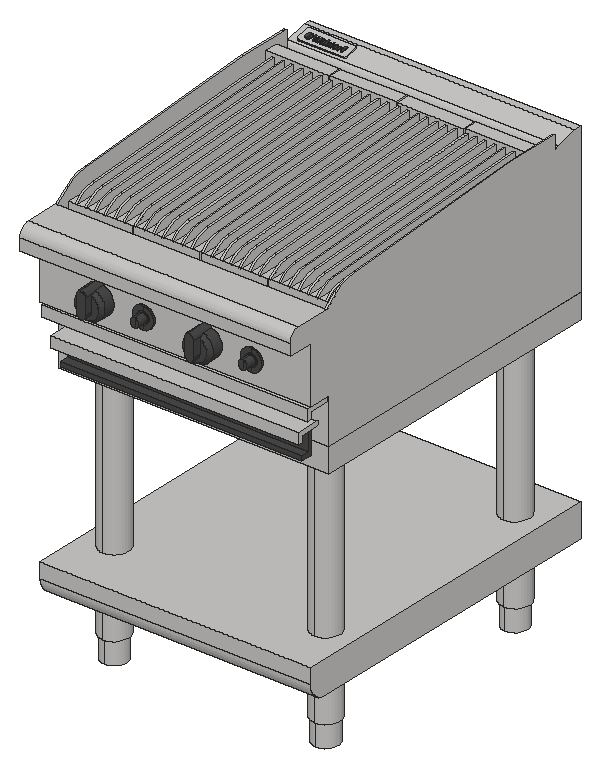
Revit family "QF_MOFFAT WALDORF_CHL8600G-LS", category Specialty Equipment, Revit 2012
Parameters
  Weight in Pounds = 0
  URL Cutsheet = "www.moffat.com"
  URL = "www.moffat.com"
  Type Mark [instance] = ""
  Status [instance] = ""
  Specification by User [instance] = ""
  Specification by Manufacturer = ""
  Show Logo [instance] = yes
  Serial Number = ""
  Seismic Rating = ""
  SMACNA No = ""
  Revision Code [instance] = ""
  Omniclass Number and Title = ""
  NAFEM Spec ID Number = ""
  Model = "CHL8600G-LS"
  Mechanical Remarks [instance] = ""
  Mechanical Connection Type [instance] = ""
  Masterspec = ""
  Manufacturer = "MOFFAT WALDORF"
  Item Number [instance] = ""
  Installed By [instance] = ""
  Identify Quantity as Lot [instance] = yes
  Gas Size = 3/4"
  Gas RI Height [instance] = 0 mm
  Gas KW [instance] = 18.3
  Gas Input [instance] = 62556.0 Btu/h
  Gas Connection Height = 0 mm
  Furnished By [instance] = ""
  Foodservice Equipment Identifier [instance] = yes
  Description = "CHARGRILL LOW SPLASHBACK ON LEG STAND"
  CSI MasterFormat = ""
  CSI Master Format = ""
  Body Finish = QF_Finishes_Stainless Steel
Reference planes
  plane 1 "BACK": y = 0
  plane 2: z = 0
  plane 3 "LEFT": x = 0
  plane 4 "RIGHT": x = 600
  plane 5 "FRONT": y = -805
  plane 6 "TOP": z = 972
  plane 7 "Center Y": x = 300
  plane 8 "Center X": y = -402.5
  plane 9: z = 970
Forms (mm)
  Extrusion 1, solid, material "QF_Finishes_Stainless Steel" <- "Body Finish"
    sketch origin (0, 0, 0) x (0, 1, 0) y (0, 0, 1)
      loop
        line (0, 222.5) -> (-749, 222.5) -> (-749, 188)
        arc (-749, 188) -> (-737.87, 161.13) -> (-711, 150) r 38
        line (-711, 150) -> (0, 150) -> (0, 222.5)
      loop
        line (-805, 891) -> (-805, 866) -> (-749, 866) -> (-749, 740) -> (-699, 740) -> (-699, 640) -> (0, 640) -> (0, 970) -> (-15, 970) -> (-61.106, 957.646)
        arc (-61.106, 957.646) -> (-67.52, 953.36) -> (-70, 946.055) r 12
        line (-70, 946.055) -> (-70, 875) -> (-705, 875) -> (-705, 915) -> (-781, 915)
        arc (-781, 915) -> (-797.971, 907.971) -> (-805, 891) r 24
      loop
        line (0, 585) -> (0, 639.206) -> (-699, 639.206) -> (-699, 585) -> (0, 585)
    from 0 to 600
  Revolve 2, solid, material "QF_Finishes_Stainless Steel" <- "Body Finish"
    sketch origin (535, -735, 0) x (0, 1, 0) y (0, 0, -1)
      loop
        line (78.25, -150) -> (110, -150) -> (110, 0) -> (82.5, 0) -> (82.5, -50) -> (78.25, -50) -> (78.25, -150)
      loop
        line (78.25, -222.5) -> (78.25, -585) -> (110, -585) -> (110, -222.5) -> (78.25, -222.5)
      axis (110, -585) -> (110, 0)
    angle from 0 to 360
  Revolve 3, solid, material "QF_Finishes_Stainless Steel" <- "Body Finish"
    sketch origin (535, -210, 0) x (0, 1, 0) y (0, 0, -1)
      loop
        line (78.25, -150) -> (110, -150) -> (110, 0) -> (82.5, 0) -> (82.5, -50) -> (78.25, -50) -> (78.25, -150)
      loop
        line (78.25, -222.5) -> (78.25, -585) -> (110, -585) -> (110, -222.5) -> (78.25, -222.5)
      axis (110, -585) -> (110, 0)
    angle from 0 to 360
  Revolve 4, solid, material "QF_Finishes_Stainless Steel" <- "Body Finish"
    sketch origin (65, -735, 0) x (0, 1, 0) y (0, 0, 1)
      loop
        line (78.25, 150) -> (78.25, 50) -> (82.5, 50) -> (82.5, 0) -> (110, 0) -> (110, 150) -> (78.25, 150)
      loop
        line (78.25, 222.5) -> (110, 222.5) -> (110, 585) -> (78.25, 585) -> (78.25, 222.5)
      axis (110, 585) -> (110, 0)
    angle from 0 to 360
  Revolve 5, solid, material "QF_Finishes_Stainless Steel" <- "Body Finish"
    sketch origin (65, -210, 0) x (0, 1, 0) y (0, 0, 1)
      loop
        line (78.25, 150) -> (78.25, 50) -> (82.5, 50) -> (82.5, 0) -> (110, 0) -> (110, 150) -> (78.25, 150)
      loop
        line (78.25, 222.5) -> (110, 222.5) -> (110, 585) -> (78.25, 585) -> (78.25, 222.5)
      axis (110, 585) -> (110, 0)
    angle from 0 to 360
  Extrusion 6, solid, material "QF_Finishes_Stainless Steel" <- "Body Finish"
    sketch origin (0, 0, 157.388) x (0, 1, 0) y (0, 0, 1)
      loop
        line (-70, 717) -> (-70, 821.612)
        arc (-70, 821.612) -> (-71.757, 825.854) -> (-76, 827.612) r 6
        line (-76, 827.612) -> (-191, 827.612) -> (-626.365, 797.168)
        arc (-626.365, 797.168) -> (-652.77, 791.676) -> (-676.747, 779.327) r 100
        line (-676.747, 779.327) -> (-705, 757.612) -> (-705, 717) -> (-70, 717)
    from 0 to 4.5
  Extrusion 7, solid, material "QF_Finishes_Stainless Steel" <- "Body Finish"
    sketch origin (600, 0, 157.388) x (0, 1, 0) y (0, 0, -1)
      loop
        line (-70, -717) -> (-705, -717) -> (-705, -757.612) -> (-676.747, -779.327)
        arc (-676.747, -779.327) -> (-652.77, -791.676) -> (-626.365, -797.168) r 100
        line (-626.365, -797.168) -> (-191, -827.612) -> (-76, -827.612)
        arc (-76, -827.612) -> (-71.757, -825.854) -> (-70, -821.612) r 6
        line (-70, -821.612) -> (-70, -717)
    from 0 to 3
  Revolve 8, solid, material "QF_Finishes_Black"
    sketch origin (138.112, 0, 158) x (0, 1, 0) y (0, 0, 1)
      loop
        line (-782, 671.5) -> (-793, 665.651) -> (-793, 639) -> (-749, 639) -> (-749, 644) -> (-759, 644) -> (-759, 671.5) -> (-782, 671.5)
      axis (-793, 639) -> (-749, 639)
    angle from 0 to 360
  Extrusion 9, solid, material "QF_Finishes_Black"
    sketch origin (0, 0, 158) x (1, 0, 0) y (0, 0, 1)
      loop
        line (148.3, 631) -> (148.3, 666)
        arc (148.3, 666) -> (138.3, 676) -> (128.3, 666) r 10
        line (128.3, 666) -> (128.3, 631)
        arc (128.3, 631) -> (138.3, 621) -> (148.3, 631) r 10
    from 759 to 808
  Revolve 10, solid, material "QF_Finishes_Black"
    sketch origin (378.544, 0, 158) x (0, 1, 0) y (0, 0, -1)
      loop
        line (-782, -671.5) -> (-759, -671.5) -> (-759, -644) -> (-749, -644) -> (-749, -639) -> (-793, -639) -> (-793, -665.651) -> (-782, -671.5)
      axis (-793, -639) -> (-749, -639)
    angle from 0 to 360
  Extrusion 11, solid, material "QF_Finishes_Black"
    sketch origin (516.656, 0, 158) x (-1, 0, 0) y (0, 0, -1)
      loop
        arc (148.3, -631) -> (138.3, -621) -> (128.3, -631) r 10
        line (128.3, -631) -> (128.3, -666)
        arc (128.3, -666) -> (138.3, -676) -> (148.3, -666) r 10
        line (148.3, -666) -> (148.3, -631)
    from 759 to 808
  Revolve 12, solid, material "QF_Finishes_Black"
    sketch origin (238.3, 0, 158) x (0, 1, 0) y (0, 0, 1)
      loop
        line (-759, 644) -> (-759, 663) -> (-761.705, 663) -> (-761.705, 651.85) -> (-762.85, 651.85) -> (-762.85, 648.825) -> (-784.88, 648.825) -> (-784.88, 639) -> (-749, 639) -> (-749, 644) -> (-759, 644)
      axis (-749, 639) -> (-784.88, 639)
    angle from 0 to 360
  Revolve 13, solid, material "QF_Finishes_Black"
    sketch origin (478.3, 0, 158) x (0, 1, 0) y (0, 0, 1)
      loop
        line (-759, 644) -> (-759, 663) -> (-761.705, 663) -> (-761.705, 651.85) -> (-762.85, 651.85) -> (-762.85, 648.825) -> (-784.88, 648.825) -> (-784.88, 639) -> (-749, 639) -> (-749, 644) -> (-759, 644)
      axis (-749, 639) -> (-784.88, 639)
    angle from 0 to 360
  Extrusion 14, solid, material "QF_Finishes_Stainless Steel"
    sketch origin (276, 0, 158) x (0, 1, 0) y (0, 0, 1)
      loop
        line (-132, 752.364) -> (-132, 804.849) -> (-630.852, 774.53)
        arc (-630.852, 774.53) -> (-656.098, 767.97) -> (-677, 752.364) r 67.81
        line (-677, 752.364) -> (-132, 752.364)
    from 0 to 4.5
  Extrusion 15, solid, material "QF_Finishes_Stainless Steel"
    sketch origin (255, 0, 158) x (0, 1, 0) y (0, 0, 1)
      loop
        line (-132, 752.364) -> (-132, 804.849) -> (-630.852, 774.53)
        arc (-630.852, 774.53) -> (-656.098, 767.97) -> (-677, 752.364) r 67.81
        line (-677, 752.364) -> (-132, 752.364)
    from 0 to 4.5
  Extrusion 16, solid, material "QF_Finishes_Stainless Steel"
    sketch origin (234, 0, 158) x (0, 1, 0) y (0, 0, 1)
      loop
        line (-132, 752.364) -> (-132, 804.849) -> (-630.852, 774.53)
        arc (-630.852, 774.53) -> (-656.098, 767.97) -> (-677, 752.364) r 67.81
        line (-677, 752.364) -> (-132, 752.364)
    from 0 to 4.5
  Extrusion 17, solid, material "QF_Finishes_Stainless Steel"
    sketch origin (213, 0, 158) x (0, 1, 0) y (0, 0, 1)
      loop
        line (-132, 752.364) -> (-132, 804.849) -> (-630.852, 774.53)
        arc (-630.852, 774.53) -> (-656.098, 767.97) -> (-677, 752.364) r 67.81
        line (-677, 752.364) -> (-132, 752.364)
    from 0 to 4.5
  Extrusion 18, solid, material "QF_Finishes_Stainless Steel"
    sketch origin (192, 0, 158) x (0, 1, 0) y (0, 0, 1)
      loop
        line (-132, 752.364) -> (-132, 804.849) -> (-630.852, 774.53)
        arc (-630.852, 774.53) -> (-656.098, 767.97) -> (-677, 752.364) r 67.81
        line (-677, 752.364) -> (-132, 752.364)
    from 0 to 4.5
  Extrusion 19, solid, material "QF_Finishes_Stainless Steel"
    sketch origin (171, 0, 158) x (0, 1, 0) y (0, 0, 1)
      loop
        line (-132, 752.364) -> (-132, 804.849) -> (-630.852, 774.53)
        arc (-630.852, 774.53) -> (-656.098, 767.97) -> (-677, 752.364) r 67.81
        line (-677, 752.364) -> (-132, 752.364)
    from 0 to 4.5
  Extrusion 20, solid, material "QF_Finishes_Stainless Steel"
    sketch origin (150, 0, 158) x (0, 1, 0) y (0, 0, 1)
      loop
        line (-132, 752.364) -> (-132, 804.849) -> (-630.852, 774.53)
        arc (-630.852, 774.53) -> (-656.098, 767.97) -> (-677, 752.364) r 67.81
        line (-677, 752.364) -> (-132, 752.364)
    from 0 to 4.5
  Extrusion 21, solid, material "QF_Finishes_Stainless Steel"
    sketch origin (126, 0, 158) x (0, 1, 0) y (0, 0, 1)
      loop
        line (-132, 752.364) -> (-132, 804.849) -> (-630.852, 774.53)
        arc (-630.852, 774.53) -> (-656.098, 767.97) -> (-677, 752.364) r 67.81
        line (-677, 752.364) -> (-132, 752.364)
    from 0 to 4.5
  Extrusion 22, solid, material "QF_Finishes_Stainless Steel"
    sketch origin (105, 0, 158) x (0, 1, 0) y (0, 0, 1)
      loop
        line (-132, 752.364) -> (-132, 804.849) -> (-630.852, 774.53)
        arc (-630.852, 774.53) -> (-656.098, 767.97) -> (-677, 752.364) r 67.81
        line (-677, 752.364) -> (-132, 752.364)
    from 0 to 4.5
  Extrusion 23, solid, material "QF_Finishes_Stainless Steel"
    sketch origin (84, 0, 158) x (0, 1, 0) y (0, 0, 1)
      loop
        line (-132, 752.364) -> (-132, 804.849) -> (-630.852, 774.53)
        arc (-630.852, 774.53) -> (-656.098, 767.97) -> (-677, 752.364) r 67.81
        line (-677, 752.364) -> (-132, 752.364)
    from 0 to 4.5
  Extrusion 24, solid, material "QF_Finishes_Stainless Steel"
    sketch origin (63, 0, 158) x (0, 1, 0) y (0, 0, 1)
      loop
        line (-132, 752.364) -> (-132, 804.849) -> (-630.852, 774.53)
        arc (-630.852, 774.53) -> (-656.098, 767.97) -> (-677, 752.364) r 67.81
        line (-677, 752.364) -> (-132, 752.364)
    from 0 to 4.5
  Extrusion 25, solid, material "QF_Finishes_Stainless Steel"
    sketch origin (42, 0, 158) x (0, 1, 0) y (0, 0, 1)
      loop
        line (-132, 752.364) -> (-132, 804.849) -> (-630.852, 774.53)
        arc (-630.852, 774.53) -> (-656.098, 767.97) -> (-677, 752.364) r 67.81
        line (-677, 752.364) -> (-132, 752.364)
    from 0 to 4.5
  Extrusion 26, solid, material "QF_Finishes_Stainless Steel"
    sketch origin (21, 0, 158) x (0, 1, 0) y (0, 0, 1)
      loop
        line (-132, 752.364) -> (-132, 804.849) -> (-630.852, 774.53)
        arc (-630.852, 774.53) -> (-656.098, 767.97) -> (-677, 752.364) r 67.81
        line (-677, 752.364) -> (-132, 752.364)
    from 0 to 4.5
  Extrusion 27, solid, material "QF_Finishes_Stainless Steel"
    sketch origin (426, 0, 158) x (0, 1, 0) y (0, 0, 1)
      loop
        line (-132, 752.364) -> (-132, 804.849) -> (-630.852, 774.53)
        arc (-630.852, 774.53) -> (-656.098, 767.97) -> (-677, 752.364) r 67.81
        line (-677, 752.364) -> (-132, 752.364)
    from 0 to 4.5
  Extrusion 28, solid, material "QF_Finishes_Stainless Steel"
    sketch origin (405, 0, 158) x (0, 1, 0) y (0, 0, 1)
      loop
        line (-132, 752.364) -> (-132, 804.849) -> (-630.852, 774.53)
        arc (-630.852, 774.53) -> (-656.098, 767.97) -> (-677, 752.364) r 67.81
        line (-677, 752.364) -> (-132, 752.364)
    from 0 to 4.5
  Extrusion 29, solid, material "QF_Finishes_Stainless Steel"
    sketch origin (384, 0, 158) x (0, 1, 0) y (0, 0, 1)
      loop
        line (-132, 752.364) -> (-132, 804.849) -> (-630.852, 774.53)
        arc (-630.852, 774.53) -> (-656.098, 767.97) -> (-677, 752.364) r 67.81
        line (-677, 752.364) -> (-132, 752.364)
    from 0 to 4.5
  Extrusion 30, solid, material "QF_Finishes_Stainless Steel"
    sketch origin (363, 0, 158) x (0, 1, 0) y (0, 0, 1)
      loop
        line (-132, 752.364) -> (-132, 804.849) -> (-630.852, 774.53)
        arc (-630.852, 774.53) -> (-656.098, 767.97) -> (-677, 752.364) r 67.81
        line (-677, 752.364) -> (-132, 752.364)
    from 0 to 4.5
  Extrusion 31, solid, material "QF_Finishes_Stainless Steel"
    sketch origin (342, 0, 158) x (0, 1, 0) y (0, 0, 1)
      loop
        line (-132, 752.364) -> (-132, 804.849) -> (-630.852, 774.53)
        arc (-630.852, 774.53) -> (-656.098, 767.97) -> (-677, 752.364) r 67.81
        line (-677, 752.364) -> (-132, 752.364)
    from 0 to 4.5
  Extrusion 32, solid, material "QF_Finishes_Stainless Steel"
    sketch origin (321, 0, 158) x (0, 1, 0) y (0, 0, 1)
      loop
        line (-132, 752.364) -> (-132, 804.849) -> (-630.852, 774.53)
        arc (-630.852, 774.53) -> (-656.098, 767.97) -> (-677, 752.364) r 67.81
        line (-677, 752.364) -> (-132, 752.364)
    from 0 to 4.5
  Extrusion 33, solid, material "QF_Finishes_Stainless Steel"
    sketch origin (300, 0, 158) x (0, 1, 0) y (0, 0, 1)
      loop
        line (-132, 752.364) -> (-132, 804.849) -> (-630.852, 774.53)
        arc (-630.852, 774.53) -> (-656.098, 767.97) -> (-677, 752.364) r 67.81
        line (-677, 752.364) -> (-132, 752.364)
    from 0 to 4.5
  Extrusion 34, solid, material "QF_Finishes_Stainless Steel"
    sketch origin (576, 0, 158) x (0, 1, 0) y (0, 0, 1)
      loop
        line (-132, 752.364) -> (-132, 804.849) -> (-630.852, 774.53)
        arc (-630.852, 774.53) -> (-656.098, 767.97) -> (-677, 752.364) r 67.81
        line (-677, 752.364) -> (-132, 752.364)
    from 0 to 4.5
  Extrusion 35, solid, material "QF_Finishes_Stainless Steel"
    sketch origin (555, 0, 158) x (0, 1, 0) y (0, 0, 1)
      loop
        line (-132, 752.364) -> (-132, 804.849) -> (-630.852, 774.53)
        arc (-630.852, 774.53) -> (-656.098, 767.97) -> (-677, 752.364) r 67.81
        line (-677, 752.364) -> (-132, 752.364)
    from 0 to 4.5
  Extrusion 36, solid, material "QF_Finishes_Stainless Steel"
    sketch origin (534, 0, 158) x (0, 1, 0) y (0, 0, 1)
      loop
        line (-132, 752.364) -> (-132, 804.849) -> (-630.852, 774.53)
        arc (-630.852, 774.53) -> (-656.098, 767.97) -> (-677, 752.364) r 67.81
        line (-677, 752.364) -> (-132, 752.364)
    from 0 to 4.5
  Extrusion 37, solid, material "QF_Finishes_Stainless Steel"
    sketch origin (513, 0, 158) x (0, 1, 0) y (0, 0, 1)
      loop
        line (-132, 752.364) -> (-132, 804.849) -> (-630.852, 774.53)
        arc (-630.852, 774.53) -> (-656.098, 767.97) -> (-677, 752.364) r 67.81
        line (-677, 752.364) -> (-132, 752.364)
    from 0 to 4.5
  Extrusion 38, solid, material "QF_Finishes_Stainless Steel"
    sketch origin (492, 0, 158) x (0, 1, 0) y (0, 0, 1)
      loop
        line (-132, 752.364) -> (-132, 804.849) -> (-630.852, 774.53)
        arc (-630.852, 774.53) -> (-656.098, 767.97) -> (-677, 752.364) r 67.81
        line (-677, 752.364) -> (-132, 752.364)
    from 0 to 4.5
  Extrusion 39, solid, material "QF_Finishes_Stainless Steel"
    sketch origin (471, 0, 158) x (0, 1, 0) y (0, 0, 1)
      loop
        line (-132, 752.364) -> (-132, 804.849) -> (-630.852, 774.53)
        arc (-630.852, 774.53) -> (-656.098, 767.97) -> (-677, 752.364) r 67.81
        line (-677, 752.364) -> (-132, 752.364)
    from 0 to 4.5
  Extrusion 40, solid, material "QF_Finishes_Stainless Steel"
    sketch origin (450, 0, 158) x (0, 1, 0) y (0, 0, 1)
      loop
        line (-132, 752.364) -> (-132, 804.849) -> (-630.852, 774.53)
        arc (-630.852, 774.53) -> (-656.098, 767.97) -> (-677, 752.364) r 67.81
        line (-677, 752.364) -> (-132, 752.364)
    from 0 to 4.5
  Extrusion 41, solid, material "QF_Finishes_Stainless Steel"
    sketch origin (0, 3, 0) x (1, 0, 0) y (0, 1, 0)
      loop
        circle (216, -35) r 13.5
    from 555 to 585
  Extrusion 42, solid, material "QF_Finishes_Black"
    sketch origin (1, 0, 158) x (0, 1, 0) y (0, 0, 1)
      loop
        line (-704, 513.797) -> (-704, 460.047) -> (-724, 460.047) -> (-724, 450.047) -> (-685.346, 450.047) -> (-685.346, 513.797) -> (-704, 513.797)
    from 24.12 to 559
  Extrusion 43, solid, material "QF_Finishes_Stainless Steel"
    sketch origin (0, 0, 158) x (0, 1, 0) y (0, 0, 1)
      loop
        line (-751.27, 553.219) -> (-741.27, 553.219) -> (-741.27, 568.219) -> (-699, 568.219) -> (-699, 578.219) -> (-751.27, 578.219) -> (-751.27, 553.219)
    from 5.013 to 595
  Extrusion 44, solid, material "QF_Finishes_Stainless Steel"
    sketch origin (0, 0, 103.578) x (0, 1, 0) y (0, 0, 1)
      loop
        line (-751.27, 553.219) -> (-741.27, 553.219) -> (-741.27, 568.219) -> (-685.346, 568.219) -> (-685.346, 578.219) -> (-751.27, 578.219) -> (-751.27, 553.219)
    from 25.12 to 575.007
  Extrusion 45, solid, material "QF_Finishes_Stainless Steel"
    sketch origin (0, 0, 158) x (0, 1, 0) y (0, 0, 1)
      loop
        line (-132, 752.364) -> (-677, 752.364) -> (-677, 717) -> (-102, 717) -> (-102, 812) -> (-132, 812) -> (-132, 752.364)
    from 4.5 to 147
  Extrusion 46, solid, material "QF_Finishes_Stainless Steel"
    sketch origin (145.5, 0, 158) x (0, 1, 0) y (0, 0, 1)
      loop
        line (-132, 752.364) -> (-677, 752.364) -> (-677, 717) -> (-102, 717) -> (-102, 812) -> (-132, 812) -> (-132, 752.364)
    from 4.5 to 151.5
  Extrusion 47, solid, material "QF_Finishes_Stainless Steel"
    sketch origin (295.5, 0, 158) x (0, 1, 0) y (0, 0, 1)
      loop
        line (-132, 752.364) -> (-677, 752.364) -> (-677, 717) -> (-102, 717) -> (-102, 812) -> (-132, 812) -> (-132, 752.364)
    from 4.5 to 151.5
  Extrusion 48, solid, material "QF_Finishes_Stainless Steel"
    sketch origin (445.5, 0, 158) x (0, 1, 0) y (0, 0, 1)
      loop
        line (-132, 752.364) -> (-677, 752.364) -> (-677, 717) -> (-102, 717) -> (-102, 812) -> (-132, 812) -> (-132, 752.364)
    from 4.5 to 151.5
Cuts and joins
  joined: Revolve 8, Extrusion 9
  joined: Revolve 10, Extrusion 11
  joined: Extrusion 1, Extrusion 6, Extrusion 7
Lines and regions (mm)
  Split face 1
    outline origin (0, -15.841, 969.775) x (0, -0.965926, -0.258819) y (1, 0, 0)
      loop
        line (1.092, 129.583) -> (32.089, 129.583) -> (32.089, 149.583) -> (1.092, 149.583) -> (1.092, 129.583)
  Split face 2
    outline origin (0, -15.841, 969.775) x (0, -0.965926, -0.258819) y (1, 0, 0)
      loop
        line (32.089, 156.5) -> (32.089, 176.5) -> (1.092, 176.5) -> (1.092, 156.5) -> (32.089, 156.5)
  Split face 3
    outline origin (0, -15.841, 969.775) x (0, -0.965926, -0.258819) y (1, 0, 0)
      loop
        line (32.089, 203.5) -> (1.092, 203.5) -> (1.092, 183.5) -> (32.089, 183.5) -> (32.089, 203.5)
  Split face 4
    outline origin (0, -15.841, 969.775) x (0, -0.965926, -0.258819) y (1, 0, 0)
      loop
        line (32.089, 230.5) -> (1.092, 230.5) -> (1.092, 210.5) -> (32.089, 210.5) -> (32.089, 230.5)
  Split face 5
    outline origin (0, -15.841, 969.775) x (0, -0.965926, -0.258819) y (1, 0, 0)
      loop
        line (32.089, 257.5) -> (1.092, 257.5) -> (1.092, 237.5) -> (32.089, 237.5) -> (32.089, 257.5)
  Split face 6
    outline origin (0, -15.841, 969.775) x (0, -0.965926, -0.258819) y (1, 0, 0)
      loop
        line (32.089, 264.5) -> (32.089, 284.5) -> (1.092, 284.5) -> (1.092, 264.5) -> (32.089, 264.5)
  Split face 7
    outline origin (0, -15.841, 969.775) x (0, -0.965926, -0.258819) y (1, 0, 0)
      loop
        line (32.089, 311.5) -> (1.092, 311.5) -> (1.092, 291.5) -> (32.089, 291.5) -> (32.089, 311.5)
  Split face 8
    outline origin (0, -15.841, 969.775) x (0, -0.965926, -0.258819) y (1, 0, 0)
      loop
        line (1.092, 338.5) -> (1.092, 318.5) -> (32.089, 318.5) -> (32.089, 338.5) -> (1.092, 338.5)
  Split face 9
    outline origin (0, -15.841, 969.775) x (0, -0.965926, -0.258819) y (1, 0, 0)
      loop
        line (1.092, 345.5) -> (32.089, 345.5) -> (32.089, 365.5) -> (1.092, 365.5) -> (1.092, 345.5)
  Split face 10
    outline origin (0, -15.841, 969.775) x (0, -0.965926, -0.258819) y (1, 0, 0)
      loop
        line (32.089, 372.5) -> (32.089, 392.5) -> (1.092, 392.5) -> (1.092, 372.5) -> (32.089, 372.5)
  Split face 11
    outline origin (0, -15.841, 969.775) x (0, -0.965926, -0.258819) y (1, 0, 0)
      loop
        line (32.089, 399.5) -> (32.089, 419.5) -> (1.092, 419.5) -> (1.092, 399.5) -> (32.089, 399.5)
  Split face 12
    outline origin (0, -15.841, 969.775) x (0, -0.965926, -0.258819) y (1, 0, 0)
      loop
        line (32.089, 426.5) -> (32.089, 446.5) -> (1.092, 446.5) -> (1.092, 426.5) -> (32.089, 426.5)
  Split face 13
    outline origin (0, -15.841, 969.775) x (0, -0.965926, -0.258819) y (1, 0, 0)
      loop
        line (1.092, 453.5) -> (32.089, 453.5) -> (32.089, 473.5) -> (1.092, 473.5) -> (1.092, 453.5)
  Split face 14
    outline origin (600, -699, 740) x (-1, 0, 0) y (0, 0, -1)
      loop
        line (574.88, 98.75) -> (24.993, 98.75) -> (24.993, 1.25) -> (574.88, 1.25) -> (574.88, 98.75)
  symbolic lines
    curve 1: line (0, 0, 0) -> (0, -805, 0)
    curve 2: line (600, 0, 0) -> (0, 0, 0)
    curve 3: line (600, -805, 0) -> (600, 0, 0)
    curve 4: line (0, -70, 0) -> (600, -70, 0)
    curve 5: line (0, -805, 0) -> (600, -805, 0)
    curve 6: line (12.5, -51.234, 0) -> (12.5, -20.958, 0)
    curve 7: line (12.5, -20.958, 0) -> (121.5, -20.958, 0)
    curve 8: line (12.5, -51.234, 0) -> (121.5, -51.234, 0)
    curve 9: line (121.5, -20.958, 0) -> (121.5, -51.234, 0)
    curve 10: line (129.583, -22.262, 0) -> (129.583, -50.526, 0)
    curve 11: line (129.583, -50.526, 0) -> (149.583, -50.526, 0)
    curve 12: line (149.583, -50.526, 0) -> (149.583, -22.262, 0)
    curve 13: line (149.583, -22.262, 0) -> (129.583, -22.262, 0)
    curve 14: line (156.5, -22.262, 0) -> (156.5, -50.526, 0)
    curve 15: line (156.5, -50.526, 0) -> (176.5, -50.526, 0)
    curve 16: line (176.5, -50.526, 0) -> (176.5, -22.262, 0)
    curve 17: line (176.5, -22.262, 0) -> (156.5, -22.262, 0)
    curve 18: line (183.5, -22.262, 0) -> (183.5, -50.526, 0)
    curve 19: line (183.5, -50.526, 0) -> (203.5, -50.526, 0)
    curve 20: line (203.5, -50.526, 0) -> (203.5, -22.262, 0)
    curve 21: line (203.5, -22.262, 0) -> (183.5, -22.262, 0)
    curve 22: line (210.5, -22.262, 0) -> (210.5, -50.526, 0)
    curve 23: line (210.5, -50.526, 0) -> (230.5, -50.526, 0)
    curve 24: line (230.5, -50.526, 0) -> (230.5, -22.262, 0)
    curve 25: line (230.5, -22.262, 0) -> (210.5, -22.262, 0)
    curve 26: line (237.5, -22.262, 0) -> (237.5, -50.526, 0)
    curve 27: line (237.5, -50.526, 0) -> (257.5, -50.526, 0)
    curve 28: line (257.5, -50.526, 0) -> (257.5, -22.262, 0)
    curve 29: line (257.5, -22.262, 0) -> (237.5, -22.262, 0)
    curve 30: line (264.5, -22.262, 0) -> (264.5, -50.526, 0)
    curve 31: line (264.5, -50.526, 0) -> (284.5, -50.526, 0)
    curve 32: line (284.5, -50.526, 0) -> (284.5, -22.262, 0)
    curve 33: line (284.5, -22.262, 0) -> (264.5, -22.262, 0)
    curve 34: line (291.5, -22.262, 0) -> (291.5, -50.526, 0)
    curve 35: line (291.5, -50.526, 0) -> (311.5, -50.526, 0)
    curve 36: line (311.5, -50.526, 0) -> (311.5, -22.262, 0)
    curve 37: line (311.5, -22.262, 0) -> (291.5, -22.262, 0)
    curve 38: line (318.5, -22.262, 0) -> (318.5, -50.526, 0)
    curve 39: line (318.5, -50.526, 0) -> (338.5, -50.526, 0)
    curve 40: line (338.5, -50.526, 0) -> (338.5, -22.262, 0)
    curve 41: line (338.5, -22.262, 0) -> (318.5, -22.262, 0)
    curve 42: line (345.5, -22.262, 0) -> (345.5, -50.526, 0)
    curve 43: line (345.5, -50.526, 0) -> (365.5, -50.526, 0)
    curve 44: line (365.5, -50.526, 0) -> (365.5, -22.262, 0)
    curve 45: line (365.5, -22.262, 0) -> (345.5, -22.262, 0)
    curve 46: line (372.5, -22.262, 0) -> (372.5, -50.526, 0)
    curve 47: line (372.5, -50.526, 0) -> (392.5, -50.526, 0)
    curve 48: line (392.5, -50.526, 0) -> (392.5, -22.262, 0)
    curve 49: line (392.5, -22.262, 0) -> (372.5, -22.262, 0)
    curve 50: line (399.5, -22.262, 0) -> (399.5, -50.526, 0)
    curve 51: line (399.5, -50.526, 0) -> (419.5, -50.526, 0)
    curve 52: line (419.5, -50.526, 0) -> (419.5, -22.262, 0)
    curve 53: line (419.5, -22.262, 0) -> (399.5, -22.262, 0)
    curve 54: line (426.5, -22.262, 0) -> (426.5, -50.526, 0)
    curve 55: line (426.5, -50.526, 0) -> (446.5, -50.526, 0)
    curve 56: line (446.5, -50.526, 0) -> (446.5, -22.262, 0)
    curve 57: line (446.5, -22.262, 0) -> (426.5, -22.262, 0)
    curve 58: line (453.5, -22.262, 0) -> (453.5, -50.526, 0)
    curve 59: line (453.5, -50.526, 0) -> (473.5, -50.526, 0)
    curve 60: line (473.5, -50.526, 0) -> (473.5, -22.262, 0)
    curve 61: line (473.5, -22.262, 0) -> (453.5, -22.262, 0)
    curve 62: line (600, -705, 0) -> (0, -705, 0)
    curve 63: line (4.5, -705, 0) -> (4.5, -70, 0)
    curve 64: line (597, -70, 0) -> (597, -705, 0)
Dimensions and locks
  equal spacing: plane 3 "LEFT", plane 7 "Center Y", plane 4 "RIGHT"
  plane 3 "LEFT" to plane 4 "RIGHT" = 600 mm
  equal spacing: plane 5 "FRONT", plane 8 "Center X", plane 1 "BACK"
  plane 5 "FRONT" to plane 1 "BACK" = 805 mm  (x2)
  equal spacing: plane 4 "RIGHT", plane 7 "Center Y", plane 3 "LEFT"
  plane 4 "RIGHT" to plane 3 "LEFT" = 600 mm
  cut or joined group of Extrusion 1, Extrusion 6, Extrusion 7 to level = 915 mm
  Extrusion 41 to level = 555 mm
  cut or joined group of Extrusion 1, Extrusion 6, Extrusion 7 to level = 150 mm
  Extrusion 41 to plane 1 "BACK" = 32 mm
  cut or joined group of Extrusion 1, Extrusion 6, Extrusion 7 to plane 1 "BACK" = 70 mm
  plane 9 to level = 970 mm  (x2)
  aligned and locked: level to plane 2
  aligned and locked: curve 3 to plane 4 "RIGHT"
  aligned and locked: Extrusion 42 to Extrusion 44
Automatic sketch dimensions
  Revolve 2 sketch curve to level = 0 mm
  Revolve 2 sketch curve to plane 5 "FRONT" = 148.25 mm
  Revolve 2 sketch curve to Revolve 2 sketch curve = 0 mm  (x3)
  Revolve 2 sketch curve to Revolve 2 sketch curve = 4.25 mm
  Revolve 2 sketch curve to Revolve 2 sketch curve = 31.75 mm  (x2)
  level to Revolve 2 sketch curve = 50 mm
  Revolve 2 sketch curve to Revolve 2 sketch curve = 100 mm
  Revolve 2 sketch curve to Revolve 2 sketch curve = 72.5 mm
  Revolve 2 sketch curve to Revolve 2 sketch curve = 362.5 mm
  Revolve 2 sketch curve to Revolve 2 sketch curve = 55 mm
  Extrusion 1 to Split face 1 sketch curve = 1.962 mm
  Split face 1 sketch curve to Extrusion 1 = 129.583 mm
  Split face 1 sketch curve to Split face 1 sketch curve = 20 mm
  Extrusion 1 to Split face 2 sketch curve = 1.962 mm
  Split face 2 sketch curve to Extrusion 1 = 156.5 mm
  Split face 2 sketch curve to Split face 2 sketch curve = 20 mm
  Extrusion 1 to Split face 3 sketch curve = 1.962 mm
  Split face 3 sketch curve to Extrusion 1 = 183.5 mm
  Split face 3 sketch curve to Split face 3 sketch curve = 20 mm
  Extrusion 1 to Split face 4 sketch curve = 1.962 mm
  Split face 4 sketch curve to Extrusion 1 = 210.5 mm
  Split face 4 sketch curve to Split face 4 sketch curve = 20 mm
  Extrusion 1 to Split face 5 sketch curve = 1.962 mm
  Split face 5 sketch curve to Extrusion 1 = 237.5 mm
  Split face 5 sketch curve to Split face 5 sketch curve = 20 mm
  Extrusion 1 to Split face 6 sketch curve = 1.962 mm
  Split face 6 sketch curve to Extrusion 1 = 264.5 mm
  Split face 6 sketch curve to Split face 6 sketch curve = 20 mm
  Extrusion 1 to Split face 7 sketch curve = 1.962 mm
  Split face 7 sketch curve to Extrusion 1 = 291.5 mm
  Split face 7 sketch curve to Split face 7 sketch curve = 20 mm
  Extrusion 1 to Split face 8 sketch curve = 1.962 mm
  Split face 8 sketch curve to Extrusion 1 = 281.5 mm
  Split face 8 sketch curve to Split face 8 sketch curve = 20 mm
  Extrusion 1 to Split face 9 sketch curve = 1.962 mm
  Split face 9 sketch curve to Extrusion 1 = 254.5 mm
  Split face 9 sketch curve to Split face 9 sketch curve = 20 mm
  Extrusion 1 to Split face 10 sketch curve = 1.962 mm
  Split face 10 sketch curve to Extrusion 1 = 227.5 mm
  Split face 10 sketch curve to Split face 10 sketch curve = 20 mm
  Extrusion 1 to Split face 11 sketch curve = 1.962 mm
  Split face 11 sketch curve to Extrusion 1 = 200.5 mm
  Split face 11 sketch curve to Split face 11 sketch curve = 20 mm
  Extrusion 1 to Split face 12 sketch curve = 1.962 mm
  Split face 12 sketch curve to Extrusion 1 = 173.5 mm
  Split face 12 sketch curve to Split face 12 sketch curve = 20 mm
  Extrusion 1 to Split face 13 sketch curve = 1.962 mm
  Split face 13 sketch curve to Extrusion 1 = 146.5 mm
  Split face 13 sketch curve to Split face 13 sketch curve = 20 mm
  Revolve 3 sketch curve to level = 0 mm
  plane 1 "BACK" to Revolve 3 sketch curve = 131.75 mm
  Revolve 3 sketch curve to Revolve 3 sketch curve = 0 mm  (x3)
  Revolve 3 sketch curve to Revolve 3 sketch curve = 4.25 mm
  Revolve 3 sketch curve to Revolve 3 sketch curve = 31.75 mm  (x2)
  level to Revolve 3 sketch curve = 50 mm
  Revolve 3 sketch curve to Revolve 3 sketch curve = 100 mm
  Revolve 3 sketch curve to Revolve 3 sketch curve = 72.5 mm
  Revolve 3 sketch curve to Revolve 3 sketch curve = 362.5 mm
  Revolve 3 sketch curve to Revolve 3 sketch curve = 55 mm
  Revolve 4 sketch curve to level = 0 mm
  Revolve 4 sketch curve to plane 5 "FRONT" = 148.25 mm
  Revolve 4 sketch curve to Revolve 4 sketch curve = 0 mm  (x3)
  Revolve 4 sketch curve to Revolve 4 sketch curve = 4.25 mm
  Revolve 4 sketch curve to Revolve 4 sketch curve = 31.75 mm  (x2)
  Revolve 4 sketch curve to Revolve 4 sketch curve = 55 mm
  level to Revolve 4 sketch curve = 50 mm
  Revolve 4 sketch curve to Revolve 4 sketch curve = 100 mm
  Revolve 4 sketch curve to Revolve 4 sketch curve = 72.5 mm
  Revolve 4 sketch curve to Revolve 4 sketch curve = 362.5 mm
  Revolve 5 sketch curve to level = 0 mm
  plane 1 "BACK" to Revolve 5 sketch curve = 131.75 mm
  Revolve 5 sketch curve to Revolve 5 sketch curve = 0 mm  (x3)
  Revolve 5 sketch curve to Revolve 5 sketch curve = 4.25 mm
  Revolve 5 sketch curve to Revolve 5 sketch curve = 31.75 mm  (x2)
  Revolve 5 sketch curve to Revolve 5 sketch curve = 55 mm
  level to Revolve 5 sketch curve = 50 mm
  Revolve 5 sketch curve to Revolve 5 sketch curve = 100 mm
  Revolve 5 sketch curve to Revolve 5 sketch curve = 72.5 mm
  Revolve 5 sketch curve to Revolve 5 sketch curve = 362.5 mm
  Extrusion 6 sketch curve to plane 5 "FRONT" = 100 mm
  Revolve 8 sketch curve to plane 5 "FRONT" = 12 mm
  Revolve 8 sketch curve to Revolve 8 sketch curve = 0 mm  (x2)
  Revolve 8 sketch curve to Revolve 8 sketch curve = 11 mm
  Revolve 8 sketch curve to Revolve 8 sketch curve = 12.7 mm
  Revolve 8 sketch curve to Revolve 8 sketch curve = 23 mm
  Revolve 8 sketch curve to Revolve 8 sketch curve = 10 mm
  Revolve 8 sketch curve to plane 6 "TOP" = 175 mm
  Revolve 8 sketch curve to Revolve 8 sketch curve = 5 mm
  Revolve 8 sketch curve to Revolve 8 sketch curve = 26.651 mm
  Revolve 8 sketch curve to Revolve 8 sketch curve = 5.849 mm
  plane 3 "LEFT" to Extrusion 9 sketch curve = 128.3 mm
  Extrusion 9 sketch curve to Extrusion 9 sketch curve = 10 mm
  Extrusion 9 sketch curve to plane 6 "TOP" = 183 mm
  Extrusion 9 sketch curve to Extrusion 9 sketch curve = 35 mm
  Revolve 10 sketch curve to plane 5 "FRONT" = 12 mm
  Revolve 10 sketch curve to Revolve 10 sketch curve = 0 mm  (x2)
  Revolve 10 sketch curve to Revolve 10 sketch curve = 11 mm
  Revolve 10 sketch curve to Revolve 10 sketch curve = 12.7 mm
  Revolve 10 sketch curve to Revolve 10 sketch curve = 23 mm
  Revolve 10 sketch curve to Revolve 10 sketch curve = 10 mm
  Revolve 10 sketch curve to plane 6 "TOP" = 142.5 mm
  Revolve 10 sketch curve to Revolve 10 sketch curve = 5.849 mm
  Revolve 10 sketch curve to Revolve 10 sketch curve = 27.5 mm
  Revolve 10 sketch curve to Revolve 10 sketch curve = 5 mm
  plane 7 "Center Y" to Extrusion 11 sketch curve = 88.356 mm
  Extrusion 11 sketch curve to Extrusion 11 sketch curve = 10 mm
  Extrusion 11 sketch curve to plane 6 "TOP" = 148 mm
  Extrusion 11 sketch curve to Extrusion 11 sketch curve = 35 mm
  Revolve 12 sketch curve to plane 5 "FRONT" = 20.12 mm
  Revolve 12 sketch curve to Revolve 12 sketch curve = 6.83 mm
  Revolve 12 sketch curve to Revolve 12 sketch curve = 15.2 mm
  Revolve 12 sketch curve to Revolve 12 sketch curve = 1.144 mm
  Revolve 12 sketch curve to Revolve 12 sketch curve = 3.85 mm
  Revolve 12 sketch curve to Revolve 12 sketch curve = 0 mm  (x2)
  Revolve 12 sketch curve to Revolve 12 sketch curve = 10 mm
  Revolve 12 sketch curve to plane 6 "TOP" = 175 mm
  Revolve 12 sketch curve to Revolve 12 sketch curve = 5 mm
  Revolve 12 sketch curve to Revolve 12 sketch curve = 4.825 mm
  Revolve 12 sketch curve to Revolve 12 sketch curve = 3.025 mm
  Revolve 12 sketch curve to Revolve 12 sketch curve = 11.15 mm
  Revolve 13 sketch curve to plane 5 "FRONT" = 20.12 mm
  Revolve 13 sketch curve to Revolve 13 sketch curve = 6.83 mm
  Revolve 13 sketch curve to Revolve 13 sketch curve = 15.2 mm
  Revolve 13 sketch curve to Revolve 13 sketch curve = 1.144 mm
  Revolve 13 sketch curve to Revolve 13 sketch curve = 3.85 mm
  Revolve 13 sketch curve to Revolve 13 sketch curve = 0 mm  (x2)
  Revolve 13 sketch curve to Revolve 13 sketch curve = 10 mm
  Revolve 13 sketch curve to plane 6 "TOP" = 175 mm
  Revolve 13 sketch curve to Revolve 13 sketch curve = 5 mm
  Revolve 13 sketch curve to Revolve 13 sketch curve = 4.825 mm
  Revolve 13 sketch curve to Revolve 13 sketch curve = 3.025 mm
  Revolve 13 sketch curve to Revolve 13 sketch curve = 11.15 mm
  Extrusion 14 sketch curve to plane 5 "FRONT" = 128 mm
  Extrusion 14 sketch curve to Extrusion 14 sketch curve = 46.148 mm
  Extrusion 14 sketch curve to Extrusion 14 sketch curve = 4.114 mm
  plane 1 "BACK" to Extrusion 14 sketch curve = 132 mm
  Extrusion 14 sketch curve to plane 6 "TOP" = 107.155 mm
  Extrusion 14 sketch curve to plane 6 "TOP" = 61.636 mm
  Extrusion 14 sketch curve to Extrusion 14 sketch curve = 52.486 mm
  Extrusion 15 sketch curve to plane 5 "FRONT" = 128 mm
  Extrusion 15 sketch curve to Extrusion 15 sketch curve = 46.148 mm
  Extrusion 15 sketch curve to Extrusion 15 sketch curve = 4.114 mm
  plane 1 "BACK" to Extrusion 15 sketch curve = 132 mm
  Extrusion 15 sketch curve to plane 6 "TOP" = 107.155 mm
  Extrusion 15 sketch curve to plane 6 "TOP" = 61.636 mm
  Extrusion 15 sketch curve to Extrusion 15 sketch curve = 52.486 mm
  Extrusion 16 sketch curve to plane 5 "FRONT" = 128 mm
  Extrusion 16 sketch curve to Extrusion 16 sketch curve = 46.148 mm
  Extrusion 16 sketch curve to Extrusion 16 sketch curve = 4.114 mm
  plane 1 "BACK" to Extrusion 16 sketch curve = 132 mm
  Extrusion 16 sketch curve to plane 6 "TOP" = 107.155 mm
  Extrusion 16 sketch curve to plane 6 "TOP" = 61.636 mm
  Extrusion 16 sketch curve to Extrusion 16 sketch curve = 52.486 mm
  Extrusion 17 sketch curve to plane 5 "FRONT" = 128 mm
  Extrusion 17 sketch curve to Extrusion 17 sketch curve = 46.148 mm
  Extrusion 17 sketch curve to Extrusion 17 sketch curve = 4.114 mm
  plane 1 "BACK" to Extrusion 17 sketch curve = 132 mm
  Extrusion 17 sketch curve to plane 6 "TOP" = 107.155 mm
  Extrusion 17 sketch curve to plane 6 "TOP" = 61.636 mm
  Extrusion 17 sketch curve to Extrusion 17 sketch curve = 52.486 mm
  Extrusion 18 sketch curve to plane 5 "FRONT" = 128 mm
  Extrusion 18 sketch curve to Extrusion 18 sketch curve = 46.148 mm
  Extrusion 18 sketch curve to Extrusion 18 sketch curve = 4.114 mm
  plane 1 "BACK" to Extrusion 18 sketch curve = 132 mm
  Extrusion 18 sketch curve to plane 6 "TOP" = 107.155 mm
  Extrusion 18 sketch curve to plane 6 "TOP" = 61.636 mm
  Extrusion 18 sketch curve to Extrusion 18 sketch curve = 52.486 mm
  Extrusion 19 sketch curve to plane 5 "FRONT" = 128 mm
  Extrusion 19 sketch curve to Extrusion 19 sketch curve = 46.148 mm
  Extrusion 19 sketch curve to Extrusion 19 sketch curve = 4.114 mm
  plane 1 "BACK" to Extrusion 19 sketch curve = 132 mm
  Extrusion 19 sketch curve to plane 6 "TOP" = 107.155 mm
  Extrusion 19 sketch curve to plane 6 "TOP" = 61.636 mm
  Extrusion 19 sketch curve to Extrusion 19 sketch curve = 52.486 mm
  Extrusion 20 sketch curve to plane 5 "FRONT" = 128 mm
  Extrusion 20 sketch curve to Extrusion 20 sketch curve = 46.148 mm
  Extrusion 20 sketch curve to Extrusion 20 sketch curve = 4.114 mm
  plane 1 "BACK" to Extrusion 20 sketch curve = 132 mm
  Extrusion 20 sketch curve to plane 6 "TOP" = 107.155 mm
  Extrusion 20 sketch curve to plane 6 "TOP" = 61.636 mm
  Extrusion 20 sketch curve to Extrusion 20 sketch curve = 52.486 mm
  Extrusion 21 sketch curve to plane 5 "FRONT" = 128 mm
  Extrusion 21 sketch curve to Extrusion 21 sketch curve = 46.148 mm
  Extrusion 21 sketch curve to Extrusion 21 sketch curve = 4.114 mm
  plane 1 "BACK" to Extrusion 21 sketch curve = 132 mm
  Extrusion 21 sketch curve to plane 6 "TOP" = 107.155 mm
  Extrusion 21 sketch curve to plane 6 "TOP" = 61.636 mm
  Extrusion 21 sketch curve to Extrusion 21 sketch curve = 52.486 mm
  Extrusion 22 sketch curve to plane 5 "FRONT" = 128 mm
  Extrusion 22 sketch curve to Extrusion 22 sketch curve = 46.148 mm
  Extrusion 22 sketch curve to Extrusion 22 sketch curve = 4.114 mm
  plane 1 "BACK" to Extrusion 22 sketch curve = 132 mm
  Extrusion 22 sketch curve to plane 6 "TOP" = 107.155 mm
  Extrusion 22 sketch curve to plane 6 "TOP" = 61.636 mm
  Extrusion 22 sketch curve to Extrusion 22 sketch curve = 52.486 mm
  Extrusion 23 sketch curve to plane 5 "FRONT" = 128 mm
  Extrusion 23 sketch curve to Extrusion 23 sketch curve = 46.148 mm
  Extrusion 23 sketch curve to Extrusion 23 sketch curve = 4.114 mm
  plane 1 "BACK" to Extrusion 23 sketch curve = 132 mm
  Extrusion 23 sketch curve to plane 6 "TOP" = 107.155 mm
  Extrusion 23 sketch curve to plane 6 "TOP" = 61.636 mm
  Extrusion 23 sketch curve to Extrusion 23 sketch curve = 52.486 mm
  Extrusion 24 sketch curve to plane 5 "FRONT" = 128 mm
  Extrusion 24 sketch curve to Extrusion 24 sketch curve = 46.148 mm
  Extrusion 24 sketch curve to Extrusion 24 sketch curve = 4.114 mm
  plane 1 "BACK" to Extrusion 24 sketch curve = 132 mm
  Extrusion 24 sketch curve to plane 6 "TOP" = 107.155 mm
  Extrusion 24 sketch curve to plane 6 "TOP" = 61.636 mm
  Extrusion 24 sketch curve to Extrusion 24 sketch curve = 52.486 mm
  Extrusion 25 sketch curve to plane 5 "FRONT" = 128 mm
  Extrusion 25 sketch curve to Extrusion 25 sketch curve = 46.148 mm
  Extrusion 25 sketch curve to Extrusion 25 sketch curve = 4.114 mm
  plane 1 "BACK" to Extrusion 25 sketch curve = 132 mm
  Extrusion 25 sketch curve to plane 6 "TOP" = 107.155 mm
  Extrusion 25 sketch curve to plane 6 "TOP" = 61.636 mm
  Extrusion 25 sketch curve to Extrusion 25 sketch curve = 52.486 mm
  Extrusion 26 sketch curve to plane 5 "FRONT" = 128 mm
  Extrusion 26 sketch curve to Extrusion 26 sketch curve = 46.148 mm
  Extrusion 26 sketch curve to Extrusion 26 sketch curve = 4.114 mm
  plane 1 "BACK" to Extrusion 26 sketch curve = 132 mm
  Extrusion 26 sketch curve to plane 6 "TOP" = 107.155 mm
  Extrusion 26 sketch curve to plane 6 "TOP" = 61.636 mm
  Extrusion 26 sketch curve to Extrusion 26 sketch curve = 52.486 mm
  Extrusion 27 sketch curve to plane 5 "FRONT" = 128 mm
  Extrusion 27 sketch curve to Extrusion 27 sketch curve = 46.148 mm
  Extrusion 27 sketch curve to Extrusion 27 sketch curve = 4.114 mm
  plane 1 "BACK" to Extrusion 27 sketch curve = 132 mm
  Extrusion 27 sketch curve to plane 6 "TOP" = 107.155 mm
  Extrusion 27 sketch curve to plane 6 "TOP" = 61.636 mm
  Extrusion 27 sketch curve to Extrusion 27 sketch curve = 52.486 mm
  Extrusion 28 sketch curve to plane 5 "FRONT" = 128 mm
  Extrusion 28 sketch curve to Extrusion 28 sketch curve = 46.148 mm
  Extrusion 28 sketch curve to Extrusion 28 sketch curve = 4.114 mm
  plane 1 "BACK" to Extrusion 28 sketch curve = 132 mm
  Extrusion 28 sketch curve to plane 6 "TOP" = 107.155 mm
  Extrusion 28 sketch curve to plane 6 "TOP" = 61.636 mm
  Extrusion 28 sketch curve to Extrusion 28 sketch curve = 52.486 mm
  Extrusion 29 sketch curve to plane 5 "FRONT" = 128 mm
  Extrusion 29 sketch curve to Extrusion 29 sketch curve = 46.148 mm
  Extrusion 29 sketch curve to Extrusion 29 sketch curve = 4.114 mm
  plane 1 "BACK" to Extrusion 29 sketch curve = 132 mm
  Extrusion 29 sketch curve to plane 6 "TOP" = 107.155 mm
  Extrusion 29 sketch curve to plane 6 "TOP" = 61.636 mm
  Extrusion 29 sketch curve to Extrusion 29 sketch curve = 52.486 mm
  Extrusion 30 sketch curve to plane 5 "FRONT" = 128 mm
  Extrusion 30 sketch curve to Extrusion 30 sketch curve = 46.148 mm
  Extrusion 30 sketch curve to Extrusion 30 sketch curve = 4.114 mm
  plane 1 "BACK" to Extrusion 30 sketch curve = 132 mm
  Extrusion 30 sketch curve to plane 6 "TOP" = 107.155 mm
  Extrusion 30 sketch curve to plane 6 "TOP" = 61.636 mm
  Extrusion 30 sketch curve to Extrusion 30 sketch curve = 52.486 mm
  Extrusion 31 sketch curve to plane 5 "FRONT" = 128 mm
  Extrusion 31 sketch curve to Extrusion 31 sketch curve = 46.148 mm
  Extrusion 31 sketch curve to Extrusion 31 sketch curve = 4.114 mm
  plane 1 "BACK" to Extrusion 31 sketch curve = 132 mm
  Extrusion 31 sketch curve to plane 6 "TOP" = 107.155 mm
  Extrusion 31 sketch curve to plane 6 "TOP" = 61.636 mm
  Extrusion 31 sketch curve to Extrusion 31 sketch curve = 52.486 mm
  Extrusion 32 sketch curve to plane 5 "FRONT" = 128 mm
  Extrusion 32 sketch curve to Extrusion 32 sketch curve = 46.148 mm
  Extrusion 32 sketch curve to Extrusion 32 sketch curve = 4.114 mm
  plane 1 "BACK" to Extrusion 32 sketch curve = 132 mm
  Extrusion 32 sketch curve to plane 6 "TOP" = 107.155 mm
  Extrusion 32 sketch curve to plane 6 "TOP" = 61.636 mm
  Extrusion 32 sketch curve to Extrusion 32 sketch curve = 52.486 mm
  Extrusion 33 sketch curve to plane 5 "FRONT" = 128 mm
  Extrusion 33 sketch curve to Extrusion 33 sketch curve = 46.148 mm
  Extrusion 33 sketch curve to Extrusion 33 sketch curve = 4.114 mm
  plane 1 "BACK" to Extrusion 33 sketch curve = 132 mm
  Extrusion 33 sketch curve to plane 6 "TOP" = 107.155 mm
  Extrusion 33 sketch curve to plane 6 "TOP" = 61.636 mm
  Extrusion 33 sketch curve to Extrusion 33 sketch curve = 52.486 mm
  Extrusion 34 sketch curve to plane 5 "FRONT" = 128 mm
  Extrusion 34 sketch curve to Extrusion 34 sketch curve = 46.148 mm
  Extrusion 34 sketch curve to Extrusion 34 sketch curve = 4.114 mm
  plane 1 "BACK" to Extrusion 34 sketch curve = 132 mm
  Extrusion 34 sketch curve to plane 6 "TOP" = 107.155 mm
  Extrusion 34 sketch curve to Extrusion 34 sketch curve = 45.518 mm
  Extrusion 34 sketch curve to Extrusion 34 sketch curve = 52.486 mm
  Extrusion 35 sketch curve to plane 5 "FRONT" = 128 mm
  Extrusion 35 sketch curve to Extrusion 35 sketch curve = 46.148 mm
  Extrusion 35 sketch curve to Extrusion 35 sketch curve = 4.114 mm
  plane 1 "BACK" to Extrusion 35 sketch curve = 132 mm
  Extrusion 35 sketch curve to plane 6 "TOP" = 107.155 mm
  Extrusion 35 sketch curve to plane 6 "TOP" = 61.636 mm
  Extrusion 35 sketch curve to Extrusion 35 sketch curve = 52.486 mm
  Extrusion 36 sketch curve to plane 5 "FRONT" = 128 mm
  Extrusion 36 sketch curve to Extrusion 36 sketch curve = 46.148 mm
  Extrusion 36 sketch curve to Extrusion 36 sketch curve = 4.114 mm
  plane 1 "BACK" to Extrusion 36 sketch curve = 132 mm
  Extrusion 36 sketch curve to plane 6 "TOP" = 107.155 mm
  Extrusion 36 sketch curve to plane 6 "TOP" = 61.636 mm
  Extrusion 36 sketch curve to Extrusion 36 sketch curve = 52.486 mm
  Extrusion 37 sketch curve to plane 5 "FRONT" = 128 mm
  Extrusion 37 sketch curve to Extrusion 37 sketch curve = 46.148 mm
  Extrusion 37 sketch curve to Extrusion 37 sketch curve = 4.114 mm
  plane 1 "BACK" to Extrusion 37 sketch curve = 132 mm
  Extrusion 37 sketch curve to plane 6 "TOP" = 107.155 mm
  Extrusion 37 sketch curve to plane 6 "TOP" = 61.636 mm
  Extrusion 37 sketch curve to Extrusion 37 sketch curve = 52.486 mm
  Extrusion 38 sketch curve to plane 5 "FRONT" = 128 mm
  Extrusion 38 sketch curve to Extrusion 38 sketch curve = 46.148 mm
  Extrusion 38 sketch curve to Extrusion 38 sketch curve = 4.114 mm
  plane 1 "BACK" to Extrusion 38 sketch curve = 132 mm
  Extrusion 38 sketch curve to plane 6 "TOP" = 107.155 mm
  Extrusion 38 sketch curve to plane 6 "TOP" = 61.636 mm
  Extrusion 38 sketch curve to Extrusion 38 sketch curve = 52.486 mm
  Extrusion 39 sketch curve to plane 5 "FRONT" = 128 mm
  Extrusion 39 sketch curve to Extrusion 39 sketch curve = 46.148 mm
  Extrusion 39 sketch curve to Extrusion 39 sketch curve = 4.114 mm
  plane 1 "BACK" to Extrusion 39 sketch curve = 132 mm
  Extrusion 39 sketch curve to plane 6 "TOP" = 107.155 mm
  Extrusion 39 sketch curve to plane 6 "TOP" = 61.636 mm
  Extrusion 39 sketch curve to Extrusion 39 sketch curve = 52.486 mm
  Extrusion 40 sketch curve to plane 5 "FRONT" = 128 mm
  Extrusion 40 sketch curve to Extrusion 40 sketch curve = 46.148 mm
  Extrusion 40 sketch curve to Extrusion 40 sketch curve = 4.114 mm
  plane 1 "BACK" to Extrusion 40 sketch curve = 132 mm
  Extrusion 40 sketch curve to plane 6 "TOP" = 107.155 mm
  Extrusion 40 sketch curve to plane 6 "TOP" = 61.636 mm
  Extrusion 40 sketch curve to Extrusion 40 sketch curve = 52.486 mm
  Extrusion 42 sketch curve to plane 5 "FRONT" = 81 mm
  Extrusion 42 sketch curve to Extrusion 42 sketch curve = 20 mm
  Extrusion 42 sketch curve to Extrusion 42 sketch curve = 18.654 mm
  Extrusion 42 sketch curve to plane 6 "TOP" = 363.953 mm
  Extrusion 42 sketch curve to Extrusion 42 sketch curve = 10 mm
  Extrusion 42 sketch curve to Extrusion 42 sketch curve = 53.75 mm
  Extrusion 43 sketch curve to plane 5 "FRONT" = 53.73 mm
  Extrusion 43 sketch curve to Extrusion 43 sketch curve = 10 mm  (x2)
  Extrusion 43 sketch curve to Extrusion 43 sketch curve = 42.27 mm
  Extrusion 43 sketch curve to plane 6 "TOP" = 260.781 mm
  Extrusion 43 sketch curve to Extrusion 43 sketch curve = 15 mm
  Split face 14 sketch curve to cut or joined group of Extrusion 1, Extrusion 6, Extrusion 7 = 1.25 mm
  Split face 14 sketch curve to cut or joined group of Extrusion 1, Extrusion 6, Extrusion 7 = 24.993 mm
  cut or joined group of Extrusion 1, Extrusion 6, Extrusion 7 to Split face 14 sketch curve = 1.25 mm
  Split face 14 sketch curve to cut or joined group of Extrusion 1, Extrusion 6, Extrusion 7 = 25.12 mm
  Extrusion 44 sketch curve to plane 5 "FRONT" = 53.73 mm
  Extrusion 44 sketch curve to Extrusion 44 sketch curve = 10 mm  (x2)
  Extrusion 44 sketch curve to Extrusion 44 sketch curve = 55.924 mm
  Extrusion 44 sketch curve to plane 6 "TOP" = 315.203 mm
  Extrusion 44 sketch curve to Extrusion 44 sketch curve = 15 mm
  Extrusion 45 sketch curve to plane 5 "FRONT" = 128 mm
  plane 1 "BACK" to Extrusion 45 sketch curve = 132 mm
  Extrusion 45 sketch curve to Extrusion 45 sketch curve = 30 mm
  Extrusion 45 sketch curve to plane 6 "TOP" = 97 mm
  Extrusion 45 sketch curve to Extrusion 45 sketch curve = 35.364 mm
  Extrusion 45 sketch curve to Extrusion 45 sketch curve = 59.636 mm
  Extrusion 46 sketch curve to plane 5 "FRONT" = 128 mm
  plane 1 "BACK" to Extrusion 46 sketch curve = 132 mm
  Extrusion 46 sketch curve to Extrusion 46 sketch curve = 30 mm
  Extrusion 46 sketch curve to plane 6 "TOP" = 97 mm
  Extrusion 46 sketch curve to Extrusion 46 sketch curve = 35.364 mm
  Extrusion 46 sketch curve to Extrusion 46 sketch curve = 59.636 mm
  Extrusion 47 sketch curve to plane 5 "FRONT" = 128 mm
  plane 1 "BACK" to Extrusion 47 sketch curve = 132 mm
  Extrusion 47 sketch curve to Extrusion 47 sketch curve = 30 mm
  Extrusion 47 sketch curve to plane 6 "TOP" = 97 mm
  Extrusion 47 sketch curve to Extrusion 47 sketch curve = 35.364 mm
  Extrusion 47 sketch curve to Extrusion 47 sketch curve = 59.636 mm
  Extrusion 48 sketch curve to plane 5 "FRONT" = 128 mm
  plane 1 "BACK" to Extrusion 48 sketch curve = 132 mm
  Extrusion 48 sketch curve to Extrusion 48 sketch curve = 30 mm
  Extrusion 48 sketch curve to plane 6 "TOP" = 97 mm
  Extrusion 48 sketch curve to Extrusion 48 sketch curve = 35.364 mm
  Extrusion 48 sketch curve to Extrusion 48 sketch curve = 59.636 mm
  Extrusion 7 sketch curve to plane 5 "FRONT" = 100 mm
  Extrusion 7 sketch curve to Extrusion 7 sketch curve = 28.253 mm
  Extrusion 7 sketch curve to plane 6 "TOP" = 35.285 mm
  Extrusion 7 sketch curve to Extrusion 7 sketch curve = 85.611 mm
  plane 6 "TOP" to Extrusion 7 sketch curve = 13 mm
  plane 1 "BACK" to Extrusion 7 sketch curve = 191 mm
  plane 1 "BACK" to Extrusion 7 sketch curve = 76 mm
  Extrusion 7 sketch curve to Extrusion 7 sketch curve = 6 mm
  Extrusion 7 sketch curve to Extrusion 7 sketch curve = 21.715 mm
  Extrusion 7 sketch curve to plane 6 "TOP" = 97.612 mm
  Extrusion 7 sketch curve to plane 6 "TOP" = 17.444 mm
  Extrusion 7 sketch curve to Extrusion 7 sketch curve = 50.382 mm
  Extrusion 6 sketch curve to Extrusion 6 sketch curve = 40.612 mm
  Extrusion 6 sketch curve to plane 6 "TOP" = 57 mm
  Extrusion 6 sketch curve to plane 6 "TOP" = 35.285 mm
  Extrusion 6 sketch curve to Extrusion 6 sketch curve = 28.253 mm
  Extrusion 6 sketch curve to plane 6 "TOP" = 17.444 mm
  Extrusion 6 sketch curve to Extrusion 6 sketch curve = 85.611 mm
  Extrusion 6 sketch curve to Extrusion 6 sketch curve = 50.382 mm
  plane 1 "BACK" to Extrusion 6 sketch curve = 70 mm
  Extrusion 6 sketch curve to Extrusion 6 sketch curve = 121 mm
  plane 6 "TOP" to Extrusion 6 sketch curve = 7 mm
  Extrusion 6 sketch curve to Extrusion 6 sketch curve = 6 mm
  curve 1 to plane 3 "LEFT" = 0 mm
  plane 5 "FRONT" to curve 5 = 0 mm
  plane 1 "BACK" to curve 2 = 0 mm
  plane 3 "LEFT" to curve 63 = 4.5 mm
  plane 3 "LEFT" to curve 8 = 12.5 mm
  plane 1 "BACK" to curve 7 = 20.958 mm
  curve 6 to curve 7 = 109 mm
  curve 8 to curve 11 = 8.083 mm
  curve 10 to curve 11 = 20 mm
  curve 12 to curve 17 = 6.917 mm
  curve 14 to curve 15 = 20 mm
  curve 16 to curve 21 = 7 mm
  curve 18 to curve 19 = 20 mm
  curve 20 to curve 25 = 7 mm
  curve 22 to curve 23 = 20 mm
  curve 23 to curve 27 = 7 mm
  curve 26 to curve 27 = 20 mm
  curve 28 to curve 33 = 7 mm
  curve 31 to plane 7 "Center Y" = 15.5 mm
  curve 31 to curve 35 = 7 mm
  plane 7 "Center Y" to curve 35 = 11.5 mm
  curve 35 to curve 39 = 7 mm
  curve 38 to curve 41 = 20 mm
  curve 39 to curve 43 = 7 mm
  curve 42 to curve 45 = 20 mm
  curve 44 to curve 49 = 7 mm
  curve 46 to curve 49 = 20 mm
  curve 48 to curve 53 = 7 mm
  curve 50 to curve 51 = 20 mm
  curve 51 to curve 55 = 7 mm
  curve 54 to curve 57 = 20 mm
  curve 56 to curve 61 = 7 mm
  curve 58 to curve 59 = 20 mm
  curve 62 to plane 5 "FRONT" = 100 mm
  plane 1 "BACK" to curve 4 = 70 mm
  curve 9 to curve 7 = 30.277 mm
  plane 1 "BACK" to curve 56 = 50.526 mm
  curve 55 to curve 60 = 0 mm
  curve 8 to curve 10 = 0.709 mm
  curve 52 to curve 54 = 0 mm  (x2)
  curve 11 to curve 14 = 0 mm
  curve 48 to curve 50 = 0 mm  (x2)
  curve 15 to curve 18 = 0 mm
  curve 44 to curve 46 = 0 mm  (x2)
  curve 19 to curve 22 = 0 mm
  curve 40 to curve 42 = 0 mm  (x2)
  curve 23 to curve 26 = 0 mm
  curve 36 to curve 38 = 0 mm  (x2)
  curve 27 to curve 30 = 0 mm
  plane 1 "BACK" to curve 34 = 22.262 mm
  curve 33 to curve 34 = 0 mm
  plane 1 "BACK" to curve 29 = 22.262 mm
  plane 1 "BACK" to curve 25 = 22.262 mm
  plane 1 "BACK" to curve 21 = 22.262 mm
  plane 1 "BACK" to curve 17 = 22.262 mm
  curve 13 to curve 7 = 1.304 mm
  plane 1 "BACK" to curve 60 = 22.262 mm
  plane 4 "RIGHT" to curve 64 = 3 mm
  Extrusion 1 sketch curve to plane 5 "FRONT" = 0 mm
  Extrusion 1 sketch curve to plane 6 "TOP" = 2 mm
  Extrusion 1 sketch curve to plane 1 "BACK" = 0 mm  (x3)
  Extrusion 1 sketch curve to plane 5 "FRONT" = 24 mm
  Extrusion 1 sketch curve to Extrusion 1 sketch curve = 32 mm
  Extrusion 1 sketch curve to plane 5 "FRONT" = 56 mm
  Extrusion 1 sketch curve to Extrusion 1 sketch curve = 38 mm
  Extrusion 1 sketch curve to Extrusion 1 sketch curve = 44 mm
  Extrusion 1 sketch curve to plane 5 "FRONT" = 106 mm
  Extrusion 1 sketch curve to Extrusion 1 sketch curve = 50 mm
  Extrusion 1 sketch curve to plane 6 "TOP" = 14.354 mm
  Extrusion 1 sketch curve to Extrusion 1 sketch curve = 15 mm
  Extrusion 1 sketch curve to plane 6 "TOP" = 57 mm
  Extrusion 1 sketch curve to Extrusion 1 sketch curve = 25 mm
  Extrusion 1 sketch curve to Extrusion 1 sketch curve = 135 mm
  Extrusion 1 sketch curve to Extrusion 1 sketch curve = 100 mm
  Extrusion 1 sketch curve to Extrusion 1 sketch curve = 0.794 mm
  Extrusion 1 sketch curve to Extrusion 1 sketch curve = 54.206 mm
  level to Extrusion 1 sketch curve = 222.5 mm
  Extrusion 1 sketch curve to Extrusion 1 sketch curve = 34.5 mm
  Extrusion 1 sketch curve to Extrusion 1 sketch curve = 281 mm
  Extrusion 1 sketch curve to Extrusion 1 sketch curve = 3.106 mm
  Extrusion 1 sketch curve to Extrusion 1 sketch curve = 8.894 mm
  plane 1 "BACK" to Extrusion 1 sketch curve = 70 mm
  Split face 1 sketch curve to Extrusion 1 = 14.772 mm
  Split face 2 sketch curve to Extrusion 1 = 14.772 mm
  Split face 3 sketch curve to Extrusion 1 = 14.772 mm
  Split face 4 sketch curve to Extrusion 1 = 14.772 mm
  Split face 5 sketch curve to Extrusion 1 = 14.772 mm
  Split face 6 sketch curve to Extrusion 1 = 14.772 mm
  Split face 7 sketch curve to Extrusion 1 = 14.772 mm
  Split face 8 sketch curve to Extrusion 1 = 14.772 mm
  Split face 9 sketch curve to Extrusion 1 = 14.772 mm
  Split face 10 sketch curve to Extrusion 1 = 14.772 mm
  Split face 11 sketch curve to Extrusion 1 = 14.772 mm
  Split face 12 sketch curve to Extrusion 1 = 14.772 mm
  Split face 13 sketch curve to Extrusion 1 = 14.772 mm
  plane 1 "BACK" to Extrusion 41 sketch curve = 32 mm
